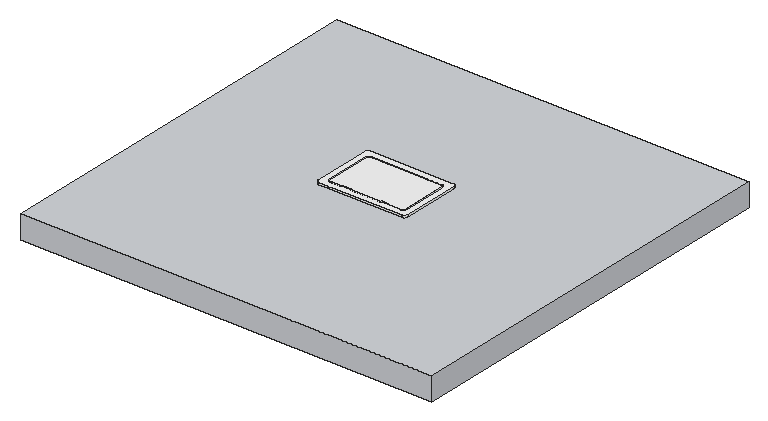
Revit family "111110009403001", category Modelos genéricos, Revit 2018
Family settings
  Anfitrión = Cara
  Puede alojar armadura = No
  Cota de conector redondo = Diámetro de uso
  Tipo de pieza = Normal
  Corte con vacíos al cargar = No
  Compartido = No
  Punto de cálculo de habitación = No
Parameters (values of type "CELOSIA REVERSIBLE TAPA CIEGA PP 28X20MM BLANCO")
  Ventajas = ""
  Uso = "Se utiliza como sistema de ventilación en Puertas, Shaft, Muro y Tina"
  Url Ficha tecnica = "https://empresascnp.cl/wp-content/uploads//pdf/ficha-tecnica-celosia-reversible-pp-28x20mm-blanco.pdf"
  Unidad = "Cajas de 50 Unidades"
  URL = "https://www.empresascnp.cl/"
  Num SKUs = "111110009403001"
  Nombre SKU = "CELOSIA REVERSIBLE TAPA CIEGA PP 28X20MM BLANCO"
  Model = "CELOSIA REVERSIBLE TAPA CIEGA"
  Material = PP Blanco
  Largo = 200.00 mm
  Espesor = 1.00 mm
  Empresa = "CNP SPA."
  Elevación por defecto = 1000.00 mm
  Dureza = ""
  Dimension = 280.00 mm
  Description = ""
  Assembly Code = ""
  Contacto = "info@empresascnp.cl"
  Color = "Blanco"
  Aplicacion = ""
Reference planes
  plane 1: z = 0
  plane 2 "level above": z = 15
  plane 3 "level below": z = -50
  plane 4 "izq": x = -176.738
  plane 5: y = 105.02
  plane 6: y = 5.02
  plane 7: y = 15.02
  plane 8: y = -4.98
  plane 9: x = -36.738
  plane 10: x = -26.738
  plane 11: x = -46.738
  plane 12: y = -94.98
  plane 13 "2": x = 103.262
  plane 14: y = 92.939
  plane 15: x = -164.656
  plane 16: x = 13.262
  plane 17: y = 58.143
  plane 18: y = -48.102
Forms (mm)
  Extrusion 1, solid
    sketch origin (0, 0, 0) x (1, 0, 0) y (0, 1, 0)
      loop
        line (-644.525, 571.5) -> (-644.525, -666.75) -> (644.525, -666.75) -> (644.525, 571.5) -> (-644.525, 571.5)
    from 0 to -72.672
  Revolve 2, void, not visible
    sketch origin (-150.829, 0, 5) x (-1, 0, 0) y (0, 1, 0)
      loop
        line (-149.164, 92.939) -> (-149.164, 94.562) -> (-184.164, 94.562) -> (-184.164, 77.939) -> (-164.164, 77.939)
        arc (-164.164, 77.939) -> (-159.771, 88.545) -> (-149.164, 92.939) r 15
      axis (-149.164, 94.562) -> (-149.164, 77.939)
    angle from 0 to -90
  Extrusion 3, solid, not visible
    sketch origin (-176.738, 0, 5) x (0, 1, 0) y (0, 0, 1)
      loop
        line (77.939, 15) -> (77.939, 0) -> (92.939, 0)
        arc (92.939, 0) -> (88.545, 10.607) -> (77.939, 15) r 15
    from 12.574 to 190.074
  Revolve 4, void, not visible
    sketch origin (0, 0, 5) x (1, 0, 0) y (0, 1, 0)
      loop
        line (-149.164, 92.939) -> (-149.164, 94.493) -> (-184.164, 94.493) -> (-184.164, 77.939) -> (-164.164, 77.939)
        arc (-164.164, 77.939) -> (-159.771, 88.545) -> (-149.164, 92.939) r 15
      axis (-149.164, 94.493) -> (-149.164, 77.939)
    angle from 0 to -90
  Extrusion 5, solid, material "PP Blanco" <- "Material"
    sketch origin (30, 0, -15) x (1, 0, 0) y (0, 1, 0)
      loop
        arc (-196.738, 105.02) -> (-203.809, 102.092) -> (-206.738, 95.02) r 10
        line (-206.738, 95.02) -> (-206.738, -84.98)
        arc (-206.738, -84.98) -> (-203.809, -92.051) -> (-196.738, -94.98) r 10
        line (-196.738, -94.98) -> (63.262, -94.98)
        arc (63.262, -94.98) -> (70.333, -92.051) -> (73.262, -84.98) r 10
        line (73.262, -84.98) -> (73.262, 95.02)
        arc (73.262, 95.02) -> (70.333, 102.092) -> (63.262, 105.02) r 10
        line (63.262, 105.02) -> (-196.738, 105.02)
      loop
        arc (-176.738, 85.02) -> (-183.809, 82.092) -> (-186.738, 75.02) r 10
        line (-186.738, 75.02) -> (-186.738, -64.98)
        arc (-186.738, -64.98) -> (-183.809, -72.051) -> (-176.738, -74.98) r 10
        line (-176.738, -74.98) -> (43.262, -74.98)
        arc (43.262, -74.98) -> (50.333, -72.051) -> (53.262, -64.98) r 10
        line (53.262, -64.98) -> (53.262, 75.02)
        arc (53.262, 75.02) -> (50.333, 82.092) -> (43.262, 85.02) r 10
        line (43.262, 85.02) -> (-176.738, 85.02)
    from 15 to 20
  Extrusion 6, solid, material "PP Blanco" <- "Material"
    sketch origin (0, 0, 0) x (1, 0, 0) y (0, 1, 0)
      loop
        arc (-146.738, 85.02) -> (-153.809, 82.092) -> (-156.738, 75.02) r 10
        line (-156.738, 75.02) -> (-156.738, -64.98)
        arc (-156.738, -64.98) -> (-153.809, -72.051) -> (-146.738, -74.98) r 10
        line (-146.738, -74.98) -> (-113.274, -74.98) -> (-110.149, -71.855) -> (-84.878, -71.855) -> (-81.753, -74.98) -> (8.277, -74.98) -> (11.402, -71.855) -> (36.672, -71.855) -> (39.797, -74.98) -> (73.262, -74.98)
        arc (73.262, -74.98) -> (80.333, -72.051) -> (83.262, -64.98) r 10
        line (83.262, -64.98) -> (83.262, 75.02)
        arc (83.262, 75.02) -> (80.333, 82.092) -> (73.262, 85.02) r 10
        line (73.262, 85.02) -> (39.797, 85.02) -> (36.672, 81.895) -> (11.402, 81.895) -> (8.277, 85.02) -> (-81.753, 85.02) -> (-84.878, 81.895) -> (-110.149, 81.895) -> (-113.274, 85.02) -> (-146.738, 85.02)
    from 0 to 5
Lines and regions (mm)
  model lines, not visible
    curve 1: line (-164.164, 92.939, 0) -> (13.336, 92.939, 0)
    curve 2: line (13.336, 92.939, 0) -> (13.336, 77.939, 0)
    curve 3: line (13.336, 77.939, 0) -> (-164.164, 77.939, 0)
    curve 4: line (-164.164, 77.939, 0) -> (-164.164, 92.939, 0)
Dimensions and locks
  locked: plane 2 "level above" to level at 15
  locked: level to plane 3 "level below" at 50
  equal spacing: plane 12, plane 6, plane 5
  equal spacing: plane 7, plane 6, plane 8, locked at 10 each
  equal spacing: plane 4 "izq", plane 9, plane 13 "2"
  plane 11 to plane 9 to plane 10 = 10.00 mm locked, 10.00 mm locked
  aligned and locked: plane 1 to Extrusion 1
  aligned and locked: level to Extrusion 1
Automatic sketch dimensions
  Extrusion 1 sketch curve to Extrusion 1 sketch curve = 1289.05 mm
  Extrusion 1 sketch curve to Extrusion 1 sketch curve = 1238.25 mm
  Extrusion 5 sketch curve to plane 4 "izq" = 0.00 mm
  plane 12 to Extrusion 5 sketch curve = 0.00 mm
  plane 5 to Extrusion 5 sketch curve = 0.00 mm
  Extrusion 5 sketch curve to plane 13 "2" = 0.00 mm
  Extrusion 5 sketch curve to plane 15 = 2.082 mm  (x2)
  plane 15 to Extrusion 5 sketch curve = 7.918 mm
  Extrusion 5 sketch curve to Extrusion 5 sketch curve = 10.00 mm  (x3)
  plane 14 to Extrusion 5 sketch curve = 7.918 mm
  Extrusion 5 sketch curve to plane 13 "2" = 30.00 mm  (x2)
  Extrusion 5 sketch curve to plane 14 = 2.082 mm
  Extrusion 5 sketch curve to plane 12 = 10.00 mm
  Extrusion 5 sketch curve to plane 12 = 20.00 mm
  plane 15 to Extrusion 6 sketch curve = 7.918 mm
  Extrusion 6 sketch curve to Extrusion 6 sketch curve = 10.00 mm  (x3)
  plane 14 to Extrusion 6 sketch curve = 7.918 mm  (x3)
  plane 14 to Extrusion 6 sketch curve = 11.043 mm  (x2)
  Extrusion 6 sketch curve to Extrusion 6 sketch curve = 3.125 mm  (x9)
  Extrusion 6 sketch curve to Extrusion 6 sketch curve = 25.271 mm  (x2)
  plane 16 to Extrusion 6 sketch curve = 4.985 mm  (x2)
  plane 16 to Extrusion 6 sketch curve = 1.86 mm  (x2)
  Extrusion 6 sketch curve to plane 16 = 23.411 mm  (x2)
  Extrusion 6 sketch curve to plane 12 = 23.125 mm
  Extrusion 6 sketch curve to Extrusion 6 sketch curve = 33.464 mm  (x2)
  Extrusion 6 sketch curve to plane 13 "2" = 30.00 mm  (x2)
  Extrusion 6 sketch curve to plane 12 = 20.00 mm
